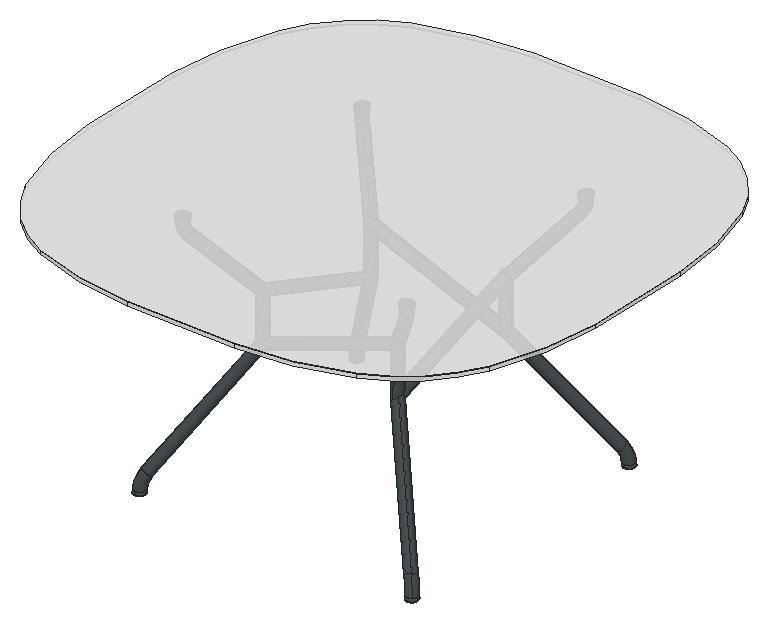
Revit family "Haworth_Branch_Table_Square", category Furniture, Revit 2018
Family settings
  OmniClass Number = 23.40.70.14.64.21
  OmniClass Title = Systems Furniture
  Work Plane-Based = No
  Always vertical = Yes
  Cut with Voids When Loaded = No
  Shared = No
  Room Calculation Point = No
Parameters (values of type "HCCE-BRQG - 59d 59w")
  Warranty = "http://www.haworth.com/resources/product-info/warranties"
  URL - Product = "https://www.haworth.com/na/en/products/collaborative-conference/branch.html"
  Top Finish [instance] = Haworth _ Glass _ Frosted
  Model = "HCCE-BRQG"
  URL = "http://www.haworth.com/our-brands/haworth-collection"
  Size = "Verify Final Dim. w/ Haworth"  # constant formula
  Revision Number = "4"  # constant formula
  Standard Height = "29 in."  # constant formula
  Manufacturer = "Haworth"  # constant formula
  Description = "Haworth Branch Table Square - 59d 59w"
  Base Finish [instance] = Haworth _ Paint _ Collection Anthracite
  Author = "Haworth (Hampton)"  # constant formula
  Assembly Code = "E2020200"
  Actual Width = 59"  # constant formula
  Actual Height = 28 1/2"  # constant formula
  Table Thickness = 1/2"  # constant formula
  Standard Depths = "63 in."  # constant formula
  Actual Depth = Actual Width  # 59"
Reference planes (in)
  plane 1 "Center F/B": y = -0.15866
  plane 2 "Floor": z = 0
  plane 3 "Center L/R": x = 0
  plane 4 "Table Edge Left": x = -29.5
  plane 5 "Table Edge Right": x = 29.5
  plane 6 "Table Edge Back": y = -29.65866
  plane 7 "Table Edge Front": y = 29.34134
  plane 8 "Table Bottom": z = 28.5
  plane 9 "Table Top Top": z = 29
Forms (in)
  Extrusion 1, solid, material "Haworth _ Glass _ Frosted" <- "Top Finish"
    sketch origin (0, 0, 0) x (1, 0, 0) y (0, 1, 0)
      loop
        arc (18.2066, 26.61146) -> (12.29574, 28.40155) -> (6.16787, 29.17087) r 36.54962
        arc (6.16787, 29.17087) -> (0, 29.36631) -> (-6.16787, 29.17087) r 97.42096
        arc (-6.16787, 29.17087) -> (-12.29574, 28.40155) -> (-18.2066, 26.61146) r 36.54962
        arc (-18.2066, 26.61146) -> (-23.31541, 23.15401) -> (-26.77283, 18.04517) r 16.29423
        arc (-26.77283, 18.04517) -> (-28.56288, 12.13444) -> (-29.3322, 6.0067) r 36.54952
        arc (-29.3322, 6.0067) -> (-29.52764, -0.16566) -> (-29.33163, -6.338) r 97.42144
        arc (-29.33163, -6.338) -> (-28.56142, -12.4586) -> (-26.77283, -18.36249) r 36.54952
        arc (-26.77283, -18.36249) -> (-23.31541, -23.47133) -> (-18.2066, -26.92878) r 16.29423
        arc (-18.2066, -26.92878) -> (-12.29574, -28.71887) -> (-6.16787, -29.48819) r 36.54962
        arc (-6.16787, -29.48819) -> (0, -29.68363) -> (6.16787, -29.48819) r 97.42096
        arc (6.16787, -29.48819) -> (12.29574, -28.71887) -> (18.2066, -26.92878) r 36.54962
        arc (18.2066, -26.92878) -> (23.31541, -23.47133) -> (26.77283, -18.36249) r 16.29423
        arc (26.77283, -18.36249) -> (28.56142, -12.4586) -> (29.33163, -6.338) r 36.54952
        arc (29.33163, -6.338) -> (29.52764, -0.16566) -> (29.3322, 6.0067) r 97.42144
        arc (29.3322, 6.0067) -> (28.56288, 12.13444) -> (26.77283, 18.04517) r 36.54952
        arc (26.77283, 18.04517) -> (23.31541, 23.15401) -> (18.2066, 26.61146) r 16.29423
    from 28.5 to 29
Lines and regions (in)
  Masking region 1
    outline origin (0, 0, 0) x (1, 0, 0) y (0, 1, 0)
      loop
        arc (6.16787, 29.17087) -> (0, 29.36631) -> (-6.16787, 29.17087) r 97.42096
        arc (-6.16787, 29.17087) -> (-12.29574, 28.40155) -> (-18.2066, 26.61146) r 36.54962
        arc (-18.2066, 26.61146) -> (-23.31541, 23.15401) -> (-26.77283, 18.04517) r 16.29423
        arc (-26.77283, 18.04517) -> (-28.56288, 12.13444) -> (-29.3322, 6.0067) r 36.54952
        arc (-29.3322, 6.0067) -> (-29.52764, -0.16566) -> (-29.33163, -6.338) r 97.42144
        arc (-29.33163, -6.338) -> (-28.56142, -12.4586) -> (-26.77283, -18.36249) r 36.54952
        arc (-26.77283, -18.36249) -> (-23.31541, -23.47133) -> (-18.2066, -26.92878) r 16.29423
        arc (-18.2066, -26.92878) -> (-12.29574, -28.71887) -> (-6.16787, -29.48819) r 36.54962
        arc (-6.16787, -29.48819) -> (0, -29.68363) -> (6.16787, -29.48819) r 97.42096
        arc (6.16787, -29.48819) -> (12.29574, -28.71887) -> (18.2066, -26.92878) r 36.54962
        arc (18.2066, -26.92878) -> (23.31541, -23.47133) -> (26.77283, -18.36249) r 16.29423
        arc (26.77283, -18.36249) -> (28.56142, -12.4586) -> (29.33163, -6.338) r 36.54952
        arc (29.33163, -6.338) -> (29.52764, -0.16566) -> (29.3322, 6.0067) r 97.42144
        arc (29.3322, 6.0067) -> (28.56288, 12.13444) -> (26.77283, 18.04517) r 36.54952
        arc (26.77283, 18.04517) -> (23.31541, 23.15401) -> (18.2066, 26.61146) r 16.29423
        arc (18.2066, 26.61146) -> (12.29574, 28.40155) -> (6.16787, 29.17087) r 36.54962
Dimensions and locks (in)
  "Actual Depth": plane 7 "Table Edge Front" to plane 6 "Table Edge Back"
  "Actual Width": plane 4 "Table Edge Left" to plane 5 "Table Edge Right"
  equal spacing: plane 4 "Table Edge Left", plane 3 "Center L/R", plane 5 "Table Edge Right"
  equal spacing: plane 7 "Table Edge Front", plane 1 "Center F/B", plane 6 "Table Edge Back"
  "Actual Height": plane 8 "Table Bottom" to level
  "Table Thickness": plane 9 "Table Top Top" to plane 8 "Table Bottom"
  aligned and locked: plane 3 "Center L/R" to nested 1
  aligned and locked: plane 1 "Center F/B" to nested 1
  aligned and locked: plane 9 "Table Top Top" to Extrusion 1
  aligned and locked: plane 8 "Table Bottom" to Extrusion 1
Automatic sketch dimensions
  Extrusion 1 sketch curve to plane 3 "Center L/R" = 0"  (x2)
  Extrusion 1 sketch curve to plane 3 "Center L/R" = 4.69523"  (x2)
  Extrusion 1 sketch curve to plane 7 "Table Edge Front" = 0.17047"  (x2)
  Extrusion 1 sketch curve to plane 3 "Center L/R" = 6.16787"  (x2)
  plane 6 "Table Edge Back" to Extrusion 1 sketch curve = 0.17047"  (x2)
  Extrusion 1 sketch curve to Extrusion 1 sketch curve = 2.4924"  (x4)
  Extrusion 1 sketch curve to Extrusion 1 sketch curve = 7.09838"  (x4)
  Extrusion 1 sketch curve to plane 7 "Table Edge Front" = 2.72988"  (x2)
  Extrusion 1 sketch curve to Extrusion 1 sketch curve = 12.03873"  (x4)
  plane 6 "Table Edge Back" to Extrusion 1 sketch curve = 2.72988"  (x2)
  plane 4 "Table Edge Left" to Extrusion 1 sketch curve = 2.72717"  (x2)
  plane 4 "Table Edge Left" to Extrusion 1 sketch curve = 0.16837"
  plane 4 "Table Edge Left" to Extrusion 1 sketch curve = 0.1678"
  plane 1 "Center F/B" to Extrusion 1 sketch curve = 0.00253"  (x2)
  Extrusion 1 sketch curve to plane 4 "Table Edge Left" = 38.3938"
  plane 3 "Center L/R" to Extrusion 1 sketch curve = 4.69523"  (x2)
  Extrusion 1 sketch curve to plane 5 "Table Edge Right" = 2.72717"  (x2)
  Extrusion 1 sketch curve to plane 5 "Table Edge Right" = 0.16837"
  Extrusion 1 sketch curve to plane 5 "Table Edge Right" = 0.1678"
  plane 5 "Table Edge Right" to Extrusion 1 sketch curve = 38.3938"
  Extrusion 1 sketch curve to plane 6 "Table Edge Back" = 38.39599"
  Extrusion 1 sketch curve to Extrusion 1 sketch curve = 8.56628"  (x2)
  plane 1 "Center F/B" to Extrusion 1 sketch curve = 6.17934"  (x2)
  Extrusion 1 sketch curve to Extrusion 1 sketch curve = 2.49784"  (x2)
  plane 7 "Table Edge Front" to Extrusion 1 sketch curve = 38.39599"
  Masking region 1 sketch curve to plane 3 "Center L/R" = 0"  (x2)
  Masking region 1 sketch curve to plane 3 "Center L/R" = 4.69523"  (x2)
  Masking region 1 sketch curve to plane 7 "Table Edge Front" = 0.17047"  (x2)
  Masking region 1 sketch curve to plane 3 "Center L/R" = 6.16787"  (x2)
  Masking region 1 sketch curve to plane 7 "Table Edge Front" = 2.72988"  (x2)
  Masking region 1 sketch curve to Masking region 1 sketch curve = 12.03873"  (x2)
  Masking region 1 sketch curve to plane 6 "Table Edge Back" = 38.39599"
  plane 4 "Table Edge Left" to Masking region 1 sketch curve = 2.72717"  (x2)
  Masking region 1 sketch curve to plane 3 "Center L/R" = 11.79361"
  Masking region 1 sketch curve to plane 1 "Center F/B" = 11.79094"
  plane 4 "Table Edge Left" to Masking region 1 sketch curve = 0.1678"
  Masking region 1 sketch curve to plane 1 "Center F/B" = 4.69257"
  plane 3 "Center L/R" to Masking region 1 sketch curve = 7.18763"  (x2)
  plane 4 "Table Edge Left" to Masking region 1 sketch curve = 0.16837"
  plane 1 "Center F/B" to Masking region 1 sketch curve = 0.00253"  (x2)
  plane 5 "Table Edge Right" to Masking region 1 sketch curve = 38.3938"
  plane 6 "Table Edge Back" to Masking region 1 sketch curve = 11.29617"
  plane 6 "Table Edge Back" to Masking region 1 sketch curve = 2.72988"  (x2)
  plane 4 "Table Edge Left" to Masking region 1 sketch curve = 11.2934"
  Masking region 1 sketch curve to Masking region 1 sketch curve = 7.09838"  (x2)
  plane 6 "Table Edge Back" to Masking region 1 sketch curve = 0.17047"  (x2)
  plane 7 "Table Edge Front" to Masking region 1 sketch curve = 38.39599"
  Masking region 1 sketch curve to Masking region 1 sketch curve = 2.4924"  (x4)
  Masking region 1 sketch curve to Masking region 1 sketch curve = 4.60598"
  Masking region 1 sketch curve to plane 5 "Table Edge Right" = 2.72717"  (x2)
  Masking region 1 sketch curve to Masking region 1 sketch curve = 8.56628"
  Masking region 1 sketch curve to plane 5 "Table Edge Right" = 0.16837"
  plane 1 "Center F/B" to Masking region 1 sketch curve = 6.17934"
  Masking region 1 sketch curve to plane 4 "Table Edge Left" = 38.3938"
  Masking region 1 sketch curve to plane 5 "Table Edge Right" = 0.1678"
  Masking region 1 sketch curve to Masking region 1 sketch curve = 2.49784"
  Masking region 1 sketch curve to plane 5 "Table Edge Right" = 11.2934"
Nested families (in)
  nested 1: "Haworth_Branch-Table-Leg4-Part" at (0, 0, 0), type "Base"
Definition of nested family "Haworth_Branch-Table-Leg4-Part"
  Parameters
    Warranty = "http://haworthcollection.com/hc/about-us/certifications-warranties"
    Sustainability Info = "www.haworth.com/en-us/About-Us/Sustainability/Pages/Vision.aspx"
    Support Location Offset = 7 203/256"  # constant formula
    Support Finish = none
    Product Page URL = "http://haworthcollection.com/hc/products/tables-conference/branch"
    Model = "Haworth_Branch-Table-Leg4-Part"  # constant formula
    URL = "http://haworthcollection.com/"
    Support Height = 28 1/2"  # constant formula
    Size = "Verify Final Dim. w/ Haworth"  # constant formula
    Revision Number = "1"  # constant formula
    Manufacturer = "Haworth"  # constant formula
    Description = "Haworth_Branch-Table-Leg4-Part"
    Author = "Haworth (Hampton)"  # constant formula
    Assembly Code = "E2020200"
    Actual Width = 63"  # constant formula
    Actual Height = 28 3/4"  # constant formula
    Actual Depth = Actual Width  # 63"
  Reference planes (in)
    plane 1 "Center F/B": y = -0.15866
    plane 2 "Floor": z = 0
    plane 3 "Center L/R": x = 0
    plane 4 "Table Edge Left": x = -31.5
    plane 5 "Table Edge Right": x = 31.5
    plane 6 "Table Edge Back": y = -31.61893
    plane 7 "Table Edge Front": y = 31.38107
    plane 8 "Table Bottom": z = 28.75
    plane 9 "Diagonal LR": through (0, -0.15866, 48) normal (-0.7071, 0.7071, 0)
    plane 10 "Diagonal RL": through (0, -0.15866, 48) normal (-0.7071, -0.7071, 0)
    plane 11 "Support Back": y = 7.63431
    plane 12 "Support Front": y = -7.95163
    plane 13 "Support Left": x = -7.79297
    plane 14 "Support Right": x = 7.79297
  Dimensions and locks (in)
    "Actual Depth": plane 7 "Table Edge Front" to plane 6 "Table Edge Back"
    "Actual Width": plane 4 "Table Edge Left" to plane 5 "Table Edge Right"
    equal spacing: plane 4 "Table Edge Left", plane 3 "Center L/R", plane 5 "Table Edge Right"
    plane 7 "Table Edge Front" to plane 1 "Center F/B" to plane 6 "Table Edge Back" = 31.53973", 31.46027"
    "Actual Height": plane 8 "Table Bottom" to level
    "Support Location Offset": plane 13 "Support Left" to plane 3 "Center L/R"
    "Support Location Offset": plane 3 "Center L/R" to plane 14 "Support Right"
    "Support Location Offset": plane 11 "Support Back" to plane 1 "Center F/B"
    "Support Location Offset": plane 12 "Support Front" to plane 1 "Center F/B"
    aligned and locked: nested 1 to plane 14 "Support Right"
    aligned and locked: nested 2 to plane 12 "Support Front"
    aligned and locked: nested 2 to plane 14 "Support Right"
    aligned and locked: plane 14 "Support Right" to nested 3
    aligned and locked: plane 11 "Support Back" to nested 3
    aligned and locked: nested 4 to plane 13 "Support Left"
    aligned and locked: plane 12 "Support Front" to nested 4
  Nested families (in)
    nested 1: "Haworth_Branch-Table-Leg-Part" at (-7.79231, -7.79297, 0), type "Haworth_Branch-Table-Leg-Part"
    nested 2: "Haworth_Branch-Table-Leg-Part" at (7.63431, -7.95163, 0) x (0, 1, 0) z (0, 0, 1), type "Haworth_Branch-Table-Leg-Part"
    nested 3: "Haworth_Branch-Table-Leg-Part" at (7.79297, 7.47565, 0) x (-1, 0, 0) z (0, 0, 1), type "Haworth_Branch-Table-Leg-Part"
    nested 4: "Haworth_Branch-Table-Leg-Part" at (-7.63431, 7.63365, 0) x (0, -1, 0) z (0, 0, 1), type "Haworth_Branch-Table-Leg-Part"
  Definition of nested family "Haworth_Branch-Table-Leg-Part"
    Parameters
      Warranty = "http://haworthcollection.com/hc/about-us/certifications-warranties"
      Support Location_Front_Back = 2 25/32"  # constant formula
      Support Location Offset = 5 3/4"  # constant formula
      Support Finish = none
      Model = "Haworth_Branch-Table-Leg-Part"  # constant formula
      URL = "http://haworthcollection.com/"
      Support Height = 17 59/128"  # constant formula
      Size = "Verify Final Dim. w/ Haworth"  # constant formula
      Revision Number = "1"  # constant formula
      Standard Height = "29 in."  # constant formula
      Manufacturer = "Haworth"  # constant formula
      Description = "Haworth_Branch-Table-Leg-Part"
      Author = "Haworth (Hampton)"  # constant formula
      Assembly Code = "E2020200"
      Actual Width = 28 39/64"  # constant formula
      Actual Height = 28 129/256"  # constant formula
      Actual Depth = 7 119/128"  # constant formula
    Reference planes (in)
      plane 1 "Center F/B": y = -0.15866
      plane 2 "Floor": z = 0
      plane 3 "Support Left Middle": x = 0
      plane 4 "Left Bottom": y = -8.08835
      plane 5 "Right Bottom": y = -5.3071
      plane 6 "Support Right Middle": x = 15.58527
      plane 7 "Table Top Bottom": z = 28.50391
      plane 8 "Support Middle Attach": z = 17.46094
      plane 9 "Support Left Bottom": x = -7.88227
      plane 10 "Support Right Top": x = 20.7271
      plane 11 "Bottom Angel": through (0, -0.15866, 48) normal (0.7092, -0.705, 0)
      plane 12 "Top Angel": through (15.58527, -0.15866, 48) normal (0.7076, 0.7067, 0)
      plane 13 "Support Left Middle Bottom": z = 14.40936
      plane 14 "Support Right Middle Top": z = 20.4749
    Forms (in)
      Revolve 1, solid, material <- "Support Finish"
        sketch origin (-7.88227, 0, 0) x (0, 1, 0) y (0, 0, 1)
          loop
            line (-8.08835, 0) -> (-8.08835, 0.39369) -> (-8.58706, 0.39369) -> (-8.63046, 0.3633) -> (-8.76782, 0.02333) -> (-8.74449, 0) -> (-8.08835, 0)
          axis (-8.08835, 0.39369) -> (-8.08835, 0)
        angle from 0 to 360
      Revolve 2, solid, material <- "Support Finish"
        sketch origin (20.7271, 0, 0) x (0, 1, 0) y (0, 0, 1)
          loop
            line (-5.3071, 28.50391) -> (-5.96353, 28.50391) -> (-6.02112, 28.44632) -> (-5.94538, 27.58054) -> (-5.92842, 27.55116) -> (-5.3071, 27.55116) -> (-5.3071, 28.50391)
          axis (-5.3071, 28.50391) -> (-5.3071, 27.55116)
        angle from 0 to 360
      Sweep 3, solid, material <- "Support Finish"
        path origin (0.07933, -0.07885, 0) x (0.704983, 0.709224, 0) y (0, 0, 1)
          loop
            line (0.02251, 14.92599) -> (-10.59575, 2.11742)
            arc (-10.59575, 2.11742) -> (-11.07813, 1.30963) -> (-11.29321, 0.39369) r 3.06996
        profile origin (-3.64765, -3.82825, 8.5217) x (0.542739, 0.546004, -0.638212) y (0.709224, -0.704983, 0)
          loop
            circle (0, 0) r 0.625
      Sweep 4, solid, material <- "Support Finish"
        path origin (7.72322, 7.7134, 0) x (-0.706657, 0.707556, 0) y (0, 0, 1)
          loop
            line (-11.10701, 20.16514) -> (-17.92049, 26.51881)
            arc (-17.92049, 26.51881) -> (-18.25938, 26.98819) -> (-18.3944, 27.55116) r 1.49411
        profile origin (17.97946, -2.55589, 23.34197) x (0.481939, -0.482552, -0.731354) y (0.707556, 0.706657, 0)
          loop
            circle (0, 0) r 0.625
      Sweep 5, solid, material <- "Support Finish"
        path origin (0, -0.15866, 0) x (1, 0, 0) y (0, 0, 1)
          loop
            line (0.11904, 14.74789) -> (15.89148, 20.38637)
        profile origin (8.00526, -0.15866, 17.56713) x (-0.336626, 0, 0.941638) y (0, -1, 0)
          loop
            circle (0, 0) r 0.625
      Blend 6, solid, material <- "Support Finish"
        base sketch origin (0, 0, 14.40936) x (-1, 0, 0) y (0, -1, 0)
          loop
            spline (0.75, 0.15866) -> (0.72444, 0.28807) -> (0.64952, 0.40866) -> (0.53033, 0.51221) -> (0.375, 0.59167) -> (0.19411, 0.64162) -> (0, 0.65866) -> (-0.19411, 0.64162) -> (-0.375, 0.59167) -> (-0.53033, 0.51221) -> (-0.64952, 0.40866) -> (-0.72444, 0.28807) -> (-0.75, 0.15866)
            spline (-0.75, 0.15866) -> (-0.72444, 0.02925) -> (-0.64952, -0.09134) -> (-0.53033, -0.19489) -> (-0.375, -0.27435) -> (-0.19411, -0.3243) -> (0, -0.34134) -> (0.19411, -0.3243) -> (0.375, -0.27435) -> (0.53033, -0.19489) -> (0.64952, -0.09134) -> (0.72444, 0.02925) -> (0.75, 0.15866)
        top sketch origin (0, 0, 14.40936) x (-1, 0, 0) y (0, -1, 0)
          loop
            circle (0, 0.15866) r 0.625
        from 0 to 3.05157
      Blend 7, solid, material <- "Support Finish"
        base sketch origin (0, 0, 0) x (1, 0, 0) y (0, 1, 0)
          loop
            circle (15.58527, -0.15866) r 0.625
        top sketch origin (0, 0, 0) x (1, 0, 0) y (0, 1, 0)
          loop
            spline (16.33527, -0.15866) -> (16.30972, -0.02925) -> (16.23479, 0.09134) -> (16.1156, 0.19489) -> (15.96027, 0.27435) -> (15.77939, 0.3243) -> (15.58527, 0.34134) -> (15.39116, 0.3243) -> (15.21027, 0.27435) -> (15.05494, 0.19489) -> (14.93576, 0.09134) -> (14.86083, -0.02925) -> (14.83527, -0.15866)
            spline (14.83527, -0.15866) -> (14.86083, -0.28807) -> (14.93576, -0.40866) -> (15.05494, -0.51221) -> (15.21027, -0.59167) -> (15.39116, -0.64162) -> (15.58527, -0.65866) -> (15.77939, -0.64162) -> (15.96027, -0.59167) -> (16.1156, -0.51221) -> (16.23479, -0.40866) -> (16.30972, -0.28807) -> (16.33527, -0.15866)
        from 17.46094 to 20.4749
    Cuts and joins
      joined: Sweep 3, Sweep 4, Sweep 5, Blend 6, Blend 7
    Lines and regions (in)
      symbolic lines, detail levels medium+fine
        curve 1: spline (-8.32151, -8.53023, 14.40936) -> (-8.42127, -8.40113, 14.40936) -> (-8.48429, -8.25071, 14.40936) -> (-8.50628, -8.08922, 14.40936) -> (-8.48573, -7.92767, 14.40936) -> (-8.42406, -7.77706, 14.40936) -> (-8.32546, -7.64766, 14.40936) -> (-8.19666, -7.54828, 14.40936) -> (-8.04642, -7.48571, 14.40936) -> (-7.88499, -7.4642, 14.40936) -> (-7.72337, -7.48522, 14.40936) -> (-7.57258, -7.54733, 14.40936) -> (-7.44288, -7.64631, 14.40936)
        curve 2: spline (-7.44288, -7.64631, 14.40936) -> (-7.34313, -7.77541, 14.40936) -> (-7.28011, -7.92583, 14.40936) -> (-7.25812, -8.08732, 14.40936) -> (-7.27866, -8.24888, 14.40936) -> (-7.34033, -8.39949, 14.40936) -> (-7.43893, -8.52889, 14.40936) -> (-7.56774, -8.62826, 14.40936) -> (-7.71798, -8.69083, 14.40936) -> (-7.8794, -8.71234, 14.40936) -> (-8.04102, -8.69133, 14.40936) -> (-8.19182, -8.62921, 14.40936) -> (-8.32151, -8.53023, 14.40936)
        curve 3: arc (0.625, -0.15866, 14.40936) -> (0, 0.46634, 14.40936) -> (-0.625, -0.15866, 14.40936) r 0.625
        curve 4: arc (-0.625, -0.15866, 14.40936) -> (0, -0.78366, 14.40936) -> (0.625, -0.15866, 14.40936) r 0.625
        curve 5: arc (14.96027, -0.15866, 14.40936) -> (15.58527, 0.46634, 14.40936) -> (16.21027, -0.15866, 14.40936) r 0.625
        curve 6: arc (16.21027, -0.15866, 14.40936) -> (15.58527, -0.78366, 14.40936) -> (14.96027, -0.15866, 14.40936) r 0.625
        curve 7: arc (20.7271, -5.96353, 14.40936) -> (20.07067, -5.3071, 14.40936) -> (20.7271, -4.65066, 14.40936) r 0.65644
        curve 8: arc (20.7271, -4.65066, 14.40936) -> (21.38354, -5.3071, 14.40936) -> (20.7271, -5.96353, 14.40936) r 0.65644
        curve 9: line (20.2769, -5.78483, 14.40936) -> (15.13701, -0.59419, 14.40936)
        curve 10: line (16.06474, 0.24227, 14.40936) -> (21.21735, -4.87056, 14.40936)
        curve 11: line (15.58527, 0.46634, 14.40936) -> (0, 0.46634, 14.40936)
        curve 12: line (0, -0.78366, 14.40936) -> (15.58527, -0.78366, 14.40936)
        curve 13: line (0.45145, -0.59088, 14.40936) -> (-7.46803, -8.55361, 14.40936)
        curve 14: line (-8.32541, -7.6476, 14.40936) -> (-0.41238, 0.31099, 14.40936)
    Dimensions and locks (in)
      "Actual Depth": plane 1 "Center F/B" to plane 4 "Left Bottom"
      "Support Location_Front_Back": plane 5 "Right Bottom" to plane 4 "Left Bottom"
      "Support Height": plane 8 "Support Middle Attach" to level
      "Actual Height": plane 7 "Table Top Bottom" to level
      "Actual Width": plane 10 "Support Right Top" to plane 9 "Support Left Bottom"
      Blend 7 sketch curve to Blend 7 sketch curve = 3/4"
      radius of Blend 6 sketch curve = 5/8"
      aligned and locked: Revolve 1 sketch curve to plane 4 "Left Bottom"
      aligned and locked: Revolve 2 sketch curve to plane 5 "Right Bottom"
      aligned and locked: plane 8 "Support Middle Attach" to Blend 6
      aligned and locked: Blend 6 to plane 13 "Support Left Middle Bottom"
      aligned and locked: Blend 7 to plane 14 "Support Right Middle Top"
      aligned and locked: Blend 7 to plane 8 "Support Middle Attach"
    Automatic sketch dimensions
      Revolve 1 sketch curve to level = 0"
      Revolve 1 sketch curve to plane 4 "Left Bottom" = 0"
      Revolve 1 sketch curve to Revolve 1 sketch curve = 0.49871"
      Revolve 1 sketch curve to Revolve 1 sketch curve = 0.0434"
      Revolve 1 sketch curve to Revolve 1 sketch curve = 0.11403"
      level to Revolve 1 sketch curve = 0.02333"
      Revolve 1 sketch curve to Revolve 1 sketch curve = 0.02333"
      Revolve 1 sketch curve to level = 12"
      level to Revolve 1 sketch curve = 0.3633"
      Revolve 1 sketch curve to Revolve 1 sketch curve = 0.39369"
      plane 7 "Table Top Bottom" to Revolve 1 sketch curve = 67 127/256"
      Revolve 2 sketch curve to plane 5 "Right Bottom" = 0"
      Revolve 2 sketch curve to plane 7 "Table Top Bottom" = 0"
      Revolve 2 sketch curve to Revolve 2 sketch curve = 0.62132"
      Revolve 2 sketch curve to Revolve 2 sketch curve = 0.01696"
      Revolve 2 sketch curve to Revolve 2 sketch curve = 0.65644"
      Revolve 2 sketch curve to plane 7 "Table Top Bottom" = 0.05759"
      Revolve 2 sketch curve to Revolve 2 sketch curve = 0.05759"
      Revolve 2 sketch curve to Revolve 2 sketch curve = 0.86577"
      Revolve 2 sketch curve to Revolve 2 sketch curve = 0.02938"
      Revolve 2 sketch curve to level = 12"
      Revolve 2 sketch curve to Revolve 2 sketch curve = 67 127/256"
      level to Sweep 3 sketch curve = 0.39369"
      Sweep 3 sketch curve to Sweep 3 sketch curve = 0.69747"
      level to Sweep 3 sketch curve = 2.11742"
      level to Sweep 3 sketch curve = 0.15813"
      Sweep 3 sketch curve to plane 8 "Support Middle Attach" = 2.53495"
      Sweep 3 sketch curve to Sweep 3 sketch curve = 10.61825"
      Sweep 3 sketch curve to plane 11 "Bottom Angel" = 0"
      Sweep 3 sketch curve to profile plane = 0"
      Sweep 4 sketch curve to plane 7 "Table Top Bottom" = 0.95274"
      Sweep 4 sketch curve to Sweep 4 sketch curve = 0.47391"
      Sweep 4 sketch curve to plane 7 "Table Top Bottom" = 1.9851"
      Sweep 4 sketch curve to Sweep 4 sketch curve = 1.01898"
      plane 8 "Support Middle Attach" to Sweep 4 sketch curve = 2.7042"
      Sweep 4 sketch curve to Sweep 4 sketch curve = 6.81347"
      Sweep 4 sketch curve to plane 12 "Top Angel" = 0"
      Sweep 4 sketch curve to profile plane = 0"
      plane 1 "Center F/B" to Sweep 5 sketch curve = 0"
      Sweep 5 sketch curve to profile plane = 0"
      plane 3 "Support Left Middle" to Sweep 5 sketch curve = 0.11904"
      plane 6 "Support Right Middle" to Sweep 5 sketch curve = 0.30621"
      Sweep 5 sketch curve to plane 8 "Support Middle Attach" = 2.71305"
      plane 8 "Support Middle Attach" to Sweep 5 sketch curve = 2.92544"
      plane 1 "Center F/B" to Blend 6 sketch curve = 0"  (x2)
      Blend 6 sketch curve to plane 3 "Support Left Middle" = 0"  (x2)
      Blend 6 sketch curve to Blend 6 sketch curve = 3/4"
      plane 1 "Center F/B" to Blend 7 sketch curve = 0"  (x2)
      Blend 7 sketch curve to plane 6 "Support Right Middle" = 0"  (x2)
      curve 7 to plane 5 "Right Bottom" = 0"
      curve 7 to plane 10 "Support Right Top" = 0"
      plane 1 "Center F/B" to curve 6 = 0"
      curve 12 to plane 6 "Support Right Middle" = 0"
      curve 6 to plane 6 "Support Right Middle" = 0"
      curve 11 to plane 6 "Support Right Middle" = 0"
      curve 11 to plane 3 "Support Left Middle" = 0"
      curve 12 to plane 3 "Support Left Middle" = 0"
      curve 3 to plane 3 "Support Left Middle" = 0"
      plane 11 "Bottom Angel" to curve 1 = 0"
      plane 10 "Support Right Top" to curve 10 = 0.49025"
      curve 9 to plane 10 "Support Right Top" = 0.4502"
      curve 10 to plane 1 "Center F/B" = 0.40092"
      plane 1 "Center F/B" to curve 9 = 0.43553"
      plane 1 "Center F/B" to curve 13 = 0.43222"
      curve 14 to plane 3 "Support Left Middle" = 0.41238"
      plane 9 "Support Left Bottom" to curve 1 = 0.43939"
      plane 9 "Support Left Bottom" to curve 13 = 0.41424"
      plane 9 "Support Left Bottom" to curve 2 = 0.00007"
      curve 14 to plane 9 "Support Left Bottom" = 0.44313"
      curve 14 to curve 1 = 0.00006"
      curve 2 to curve 1 = 0"
      curve 11 to curve 14 = 0.15536"
      plane 5 "Right Bottom" to curve 8 = 0.65644"
      curve 13 to plane 4 "Left Bottom" = 0.46527"
      radius of Sweep 3 sketch curve = 5/8"
      radius of Sweep 4 sketch curve = 5/8"
      radius of Sweep 5 sketch curve = 5/8"
      radius of Blend 7 sketch curve = 5/8"
